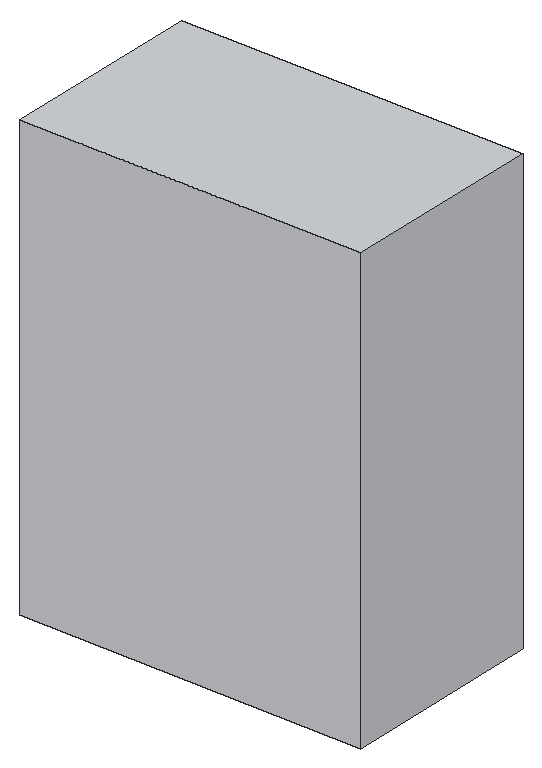
Revit family
Parameters
  Warranty Duration (Years) = 0
  Unit Width [instance] = 4' - 0"
  Unit Height [instance] = 0' - 9 99/256"
  Unit Depth = 0' - 0"
  URL = "http://www.americanspecialties.com/viewCategories.cfm"
  Trim Material = Metal - Stainless Steel w/satin
  Test Data = ""
  Specification = "http://www.arcat.com/sdspecs/htm/10810asi.htm"
  SpecWizard = ""
  Send Message = "http://www.arcat.com/users.pl?action=UserEmail&company=American%20Specialties,%20Inc.&coid=30448&rep=139&fax=914-476-0688&mf="
  Sales Information = "http://www.americanspecialties.com/contact"
  Revision = "R1_10-2010"
  Product Properties = "http://www.americanspecialties.com/datasheets/1653.pdf"
  Product Data = "http://www.arcat.com/arcatcos/cos30/arc30448.html"
  Model = "As Specified in 10 28 13"
  Manufacturer Website = "http://www.americanspecialties.com/viewCategories.cfm"
  Manufacturer Phone - Toll Free = ""
  Manufacturer Phone = "914-476-9000 "
  Manufacturer Fax = "914-476-0688"
  Manufacturer Address = "441 Saw Mill River Rd., Yonkers, NY 10701"
  Manufacturer = "American Specialties, Inc."
  Maintenance Schedule (Months) = 0
  Keynote = "10 28 13"
  Installation-Fabrication = "http://www.americanspecialties.com/products.cfm"
  Green Building-LEED = ""
  Expected Lifespan (Years) = 0
  Drawn By = "Robert S. Weygant. CSI, CDT, SCIP"  # constant formula
  Description = "Toilet Accessory as Specified in 10 28 13"
  Default Elevation = 4' - 0"
  Copyright = "©Arcat Inc."
  Construction Details = "http://www.arcat.com/green/clients/leed_data_30448.html"
  Building Codes = "http://www.americanspecialties.com/products.cfm"
  Body Material = Metal - Stainless Steel w/satin
  Assembly Code = "C1030210"
Reference planes (in)
  plane 1 "Center (Front/Back)": y = -0.29112
  plane 2 "Floor Line": z = 0
  plane 3 "Center (Left/Right)": x = -0.65843
  plane 4: z = 52.69336
  plane 5: x = -24.65843
  plane 6: x = 23.34157
  plane 7: z = 48
  plane 8: z = 57.38672
Forms (in)
  Extrusion 1, solid
    sketch origin (-3, -9, -6) x (0, 0, -1) y (1, 0, 0)
      loop
        line (-82, 31.34157) -> (-82, -26.99487) -> (-6, -26.99487) -> (-6, 31.34157) -> (-82, 31.34157)
    from 9 to -25.60721
  Extrusion 2, solid, material "Metal - Stainless Steel w/satin" <- "Body Material"
    sketch origin (0, 0, 0) x (1, 0, 0) y (0, 1, 0)
      loop
        circle (-24.65843, -0.29112) r 1.5
      loop
        circle (23.34157, -0.29112) r 1.5
      loop
        circle (-24.08812, 0.69669) r 0.125
      loop
        circle (-25.79906, -0.29112) r 0.125
      loop
        circle (-24.08812, -1.27893) r 0.125
      loop
        circle (22.77125, 0.69669) r 0.125
      loop
        circle (24.48219, -0.29112) r 0.125
      loop
        circle (22.77125, -1.27893) r 0.125
    from 0 to 0.25
  Sweep 3, solid, material "Metal - Stainless Steel w/satin" <- "Body Material"
    path origin (0, -0.29112, 0) x (1, 0, 0) y (0, 0, 1)
      loop
        line (-24.65843, 0.25) -> (-24.65843, 0.75)
        arc (-24.65843, 0.75) -> (-24.21909, 1.81066) -> (-23.15843, 2.25) r 1.5
        line (-23.15843, 2.25) -> (21.84157, 2.25)
        arc (21.84157, 2.25) -> (22.90223, 1.81066) -> (23.34157, 0.75) r 1.5
        line (23.34157, 0.75) -> (23.34157, 0.25)
    profile origin (-24.65843, -0.29112, 0.5) x (-1, 0, 0) y (0, -1, 0)
      loop
        circle (0, 0) r 0.75
  Extrusion 4, solid, material "Metal - Stainless Steel w/satin" <- "Body Material"
    sketch origin (0, 0, 0) x (1, 0, 0) y (0, 1, 0)
      loop
        line (-24.67555, -1.10362) -> (23.35868, -1.10362) -> (23.35868, -1.04112) -> (-24.67555, -1.04112) -> (-24.67555, -1.10362)
    from 0.25 to 2.26533
  Extrusion 5, void
    sketch origin (0, -0.29112, 0) x (1, 0, 0) y (0, 0, 1)
      loop
        line (-24.65843, 0.25) -> (-24.65843, 0.75)
        arc (-24.65843, 0.75) -> (-24.21909, 1.81066) -> (-23.15843, 2.25) r 1.5
        line (-23.15843, 2.25) -> (21.84157, 2.25)
        arc (21.84157, 2.25) -> (22.90223, 1.81066) -> (23.34157, 0.75) r 1.5
        line (23.34157, 0.75) -> (23.34157, 0.25) -> (25.09157, 0.25) -> (25.09157, 4) -> (-26.65843, 4) -> (-26.65843, 0.25) -> (-24.65843, 0.25)
    from 0 to 3.25636
Cuts and joins
  Extrusion 5 cuts Extrusion 2
  Extrusion 5 cuts Extrusion 4
Dimensions and locks (in)
  equal spacing: plane 8, plane 4, plane 7
  equal spacing: plane 6, plane 3 "Center (Left/Right)", plane 5
  "Unit Width": plane 6 to plane 5
  "Unit Height": plane 8 to plane 7
  "Default Elevation": plane 7 to plane 2 "Floor Line"
  aligned and locked: Extrusion 1 to level
  aligned and locked: Extrusion 4 to Extrusion 2
Automatic sketch dimensions
  Extrusion 1 sketch curve to Extrusion 1 sketch curve = 6' - 4"
  Extrusion 1 sketch curve to Extrusion 1 sketch curve = 4' - 10.33643"
  Extrusion 2 sketch curve to plane 1 "Center (Front/Back)" = 0' - 0"  (x4)
  Extrusion 2 sketch curve to plane 5 = 0' - 0"
  Extrusion 2 sketch curve to plane 6 = 0' - 0"
  Extrusion 2 sketch curve to Extrusion 2 sketch curve = 0' - 1 9/64"
  plane 5 to Extrusion 2 sketch curve = 0' - 0 73/128"  (x2)
  Extrusion 2 sketch curve to plane 6 = 0' - 0 73/128"  (x2)
  plane 6 to Extrusion 2 sketch curve = 0' - 1 9/64"
  plane 1 "Center (Front/Back)" to Extrusion 2 sketch curve = 0' - 0.98781"  (x2)
  Extrusion 2 sketch curve to plane 1 "Center (Front/Back)" = 0' - 0.98781"  (x2)
  Sweep 3 sketch curve to plane 5 = 0' - 0"
  Sweep 3 sketch curve to plane 6 = 0' - 0"
  plane 5 to Sweep 3 sketch curve = 0' - 1 1/2"
  level to Sweep 3 sketch curve = 0' - 0 3/4"
  Sweep 3 sketch curve to plane 6 = 0' - 1 1/2"
  level to Sweep 3 sketch curve = 0' - 0 1/4"  (x2)
  Sweep 3 sketch curve to plane 1 "Center (Front/Back)" = 0' - 0"
  Sweep 3 sketch curve to profile plane = 0' - 0"
  Extrusion 4 sketch curve to plane 5 = 0' - 0.01712"
  plane 6 to Extrusion 4 sketch curve = 0' - 0.01712"
  plane 1 "Center (Front/Back)" to Extrusion 4 sketch curve = 0' - 0 13/16"
  Extrusion 4 sketch curve to Extrusion 4 sketch curve = 0' - 0 1/16"
  Extrusion 5 sketch curve to plane 5 = 0' - 0"
  Extrusion 5 sketch curve to plane 6 = 0' - 0"
  Extrusion 5 sketch curve to plane 5 = 0' - 2"
  level to Extrusion 5 sketch curve = 0' - 0 3/4"
  Extrusion 5 sketch curve to Extrusion 5 sketch curve = 0' - 1 1/2"
  Extrusion 5 sketch curve to plane 6 = 0' - 1 1/2"
  level to Extrusion 5 sketch curve = 0' - 0 1/4"  (x2)
  Extrusion 5 sketch curve to Extrusion 5 sketch curve = 0' - 1 3/4"
  Extrusion 5 sketch curve to Extrusion 5 sketch curve = 0' - 3 1/4"
  radius of Extrusion 2 sketch curve = 0' - 1 1/2"  (x2)
  radius of Extrusion 2 sketch curve = 0' - 0 1/8"  (x6)
  radius of Sweep 3 sketch curve = 0' - 0 3/4"
